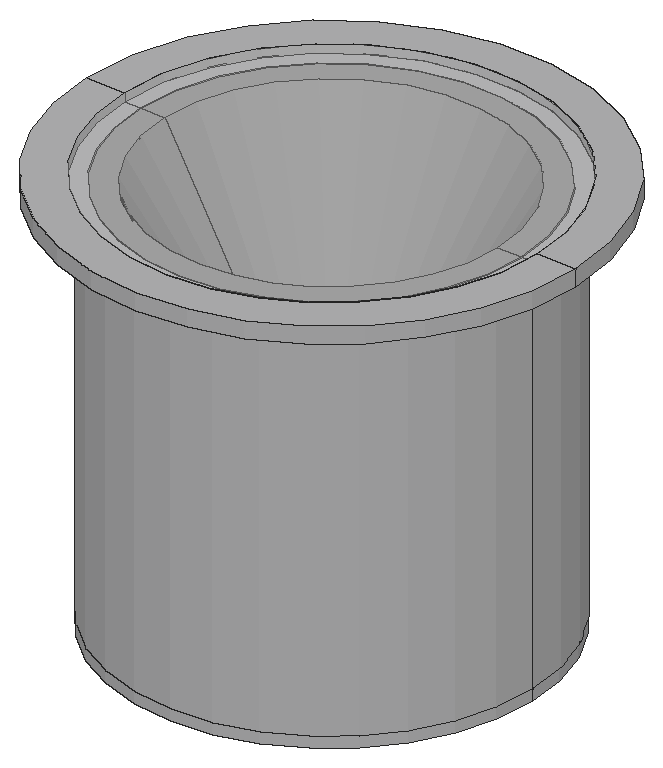
Revit family "2049513 Lighting Fixture_Sylvania_Myriad V LED_Ceiling Recessed", category Lighting Fixtures, host Face, Revit 2015
Parameters (values of type "MYRIAD SS HOUS 3000K DIMM")
  Weight = 0.37 kg  # constant formula
  Wattage = 18.932 W
  built-in parameter 1150110 = 1 (stored number, unit not read)
  Voltage Comments = "UNV (Universal Voltage; 220-240 Volt)"  # constant formula
  Voltage = 240 V  # constant formula
  URL = ""
  built-in parameter 1114217 = 1 (stored number, unit not read)
  Tilt Angle = -90.00°  # constant formula
  built-in parameter 1150109 = 1 (stored number, unit not read)
  built-in parameter 1150134 = (empty or 0)
  built-in parameter 1150113 = 1 (stored number, unit not read)
  Reflector Material = Steel_Sylvania_Myrad V LED_Chrome
  Recessed Depth = Height  # 72.0 mm
  Photometric Web File = "2049513_MYRIADVLED16W3K+Dimmable-89304.ies"
  Product Page URL = ""
  Product Family = "MYRIAD V LED - HOUSING ONLY"  # constant formula
  Photometry Comments = ""
  built-in parameter 1150105 = 77.588 (stored number, unit not read)
  Lumens = 975 lm
  built-in parameter 1150115 = 1 (stored number, unit not read)
  built-in parameter 1150137 = (empty or 0)
  built-in parameter 1150139 = (empty or 0)
  Life = "50 000"  # constant formula
  built-in parameter 1150112 = 1 (stored number, unit not read)
  built-in parameter 1150114 = 1 (stored number, unit not read)
  Lamp Comments = "15W Citizen Citiled neutral 4000K"
  LOR = "100%"  # constant formula
  Inner Radius = Cutout Radius - 2.0 mm  # 35.5 mm
  built-in parameter 1150132 = 2
  built-in parameter 1150102 = (empty or 0)
  built-in parameter 1150107 = 3000 (stored number, unit not read)
  built-in parameter 1150138 = (empty or 0)
  built-in parameter 1150106 = 0.77588 (stored number, unit not read)
  Emit from Circle Diameter = Diffuser Diameter  # 77.0 mm
  Emit Shape Visible in Rendering = no
  built-in parameter 1150104 = 4.7845 (stored number, unit not read)
  Dimming Lamp Color Temperature Shift = <None>
  Diffuser Diameter = Cutout Diameter + 2.0 mm  # 77.0 mm
  Cutout Radius = Cutout Diameter / 2  # 37.5 mm
  Cutout Diameter = 75.0 mm
  Color Filter = 16777215
  Body Material = Aluminum_Sylvania_Myrad V LED_Silver
  Beam Angle = 30.00°  # constant formula
  built-in parameter 1114218 = 1 (stored number, unit not read)
  built-in parameter 1150133 = 10 (stored number, unit not read)
  IP Rating = "IP20/44(with accessories)"  # constant formula
  Height = 72.0 mm
  Electrical Protection = "CLASS II"  # constant formula
  built-in parameter 1114216 [instance] = 1 (stored number, unit not read)
  Model = "2049513 MYRIAD SS HOUS 3000K DIMM"
  Manufacturer = "Feilo-Sylvania Group"
  Lamp = "Integrated LED"
  Diffuser Material = Polycarbonate_Sylvania_Myrad V LED_Clear
  Description = "New high output high efficiency LED downlight modules. IR/UV free light source without heat radiation. Energy efficient light source with far superior luminous flux per watt than existing Low Voltage Halogen. Long life up to 50K hours, fit and forget maintenance free lighting solution. Dimmable options including DALI as standard. IP44 & IP65 versions as standard options. New range of Architectural accessories each providing a different lit dimension. Choice of colour temperatures warm 3000K and neutral 4000K. Luminaires supplied complete with LED drivers. Emergency versions passes through cut out. New completely flush plaster up accessory ring for clean ceiling lines and smooth finish. Total circuit power I5W"  # constant formula
  Default Elevation = 0.0 mm
  built-in parameter 1140040 [instance] = 1
  Assembly Code = "D5020200"
  Apparent Load Comments = ""
  Apparent Load = 15 VA
Reference planes
  plane 1 "Center (Front/Back)": y = 0
  plane 2: z = 0
  plane 3 "Center (Left/Right)": x = 0
  plane 4 "Fixture Bottom": z = 3
  plane 5 "Diffuser": z = 1.454
  plane 6 "Fixture Top": z = -72
  plane 7 "Housing Thickness": z = -70
  plane 8 "Reflector Top": z = -33.546
Forms (mm)
  Extrusion 1, void
    sketch origin (0, 0, 58) x (-1, 0, 0) y (0, -1, 0)
      loop
        circle (0, 0) r 37.5
    from -130 to -55
  Revolve 2, solid, material "Aluminum_Sylvania_Myrad V LED_Silver" <- "Body Material", detail levels fine
    sketch origin (0, 0, 0) x (1, 0, 0) y (0, 0, 1)
      loop
        line (-45.521, 3) -> (-45.521, 0) -> (-37.5, 0) -> (-37.5, -70) -> (-35.537, -70) -> (-35.537, 1.454) -> (-38.5, 1.454) -> (-38.5, 3) -> (-45.521, 3)
      axis (0, 3) -> (0, -70)
    angle from 0 to 360
  Extrusion 3, solid, material "Aluminum_Sylvania_Myrad V LED_Silver" <- "Body Material", detail levels fine
    sketch origin (0, 0, 58) x (-1, 0, 0) y (0, -1, 0)
      loop
        circle (0, 0) r 37.5
    from -130 to -128
  Revolve 4, solid, material "Steel_Sylvania_Myrad V LED_Chrome" <- "Reflector Material", detail levels fine
    sketch origin (0, 0, 0) x (1, 0, 0) y (0, 0, 1)
      loop
        line (-35.5, -33.546) -> (0, -33.546) -> (0, -31.083) -> (-12.169, -31.083) -> (-31, 1.454) -> (-35.5, 1.454) -> (-35.5, -33.546)
      axis (0, 1.454) -> (0, -33.546)
    angle from 0 to 360
  Extrusion 5, solid, material "Polycarbonate_Sylvania_Myrad V LED_Clear" <- "Diffuser Material", detail levels fine
    sketch origin (0, 0, 58) x (-1, 0, 0) y (0, -1, 0)
      loop
        circle (0, 0) r 38.5
    from -56.546 to -55
  Revolve 6, solid, material "Aluminum_Sylvania_Myrad V LED_Silver" <- "Body Material", detail levels coarse+medium
    sketch origin (0, 0, 0) x (1, 0, 0) y (0, 0, 1)
      loop
        line (-45.521, 3) -> (-45.521, 0) -> (-37.5, 0) -> (-37.5, -72) -> (0, -72) -> (0, 3) -> (-45.521, 3)
      axis (0, 3) -> (0, -72)
    angle from 0 to 360
Cuts and joins
  joined: Revolve 2, Extrusion 3
Dimensions and locks
  locked: plane 4 "Fixture Bottom" to plane 2 at 3
  locked: plane 5 "Diffuser" to plane 2 at 1.454
  "Height": plane 2 to plane 6 "Fixture Top"
  plane 7 "Housing Thickness" to plane 6 "Fixture Top" = 2.0 mm
  "Cutout Radius": plane 3 "Center (Left/Right)" to Revolve 2 sketch curve
  locked: Revolve 2 sketch curve to Revolve 2 sketch curve at 1.963
  locked: Revolve 2 sketch curve to Revolve 2 sketch curve at 8.021
  locked: Revolve 4 sketch curve to Revolve 4 sketch curve at 2.463
  locked: Revolve 2 sketch curve to Revolve 2 sketch curve at 1
  "Inner Radius": plane 3 "Center (Left/Right)" to Revolve 4 sketch curve
  locked: Revolve 4 sketch curve to Revolve 4 sketch curve at 4.5
  locked: Revolve 4 sketch curve to Revolve 4 sketch curve at 23.331
  locked: plane 5 "Diffuser" to plane 8 "Reflector Top" at 35
  locked: Revolve 6 sketch curve to Revolve 6 sketch curve at 8.021
  "Cutout Radius": Revolve 6 sketch curve to imposter light
  "Cutout Diameter": diameter of Extrusion 1 sketch curve
  "Cutout Diameter": diameter of Extrusion 3 sketch curve
  "Diffuser Diameter": diameter of Extrusion 5 sketch curve
  aligned and locked: host face to plane 2
  aligned and locked: level to host face
  aligned and locked: Revolve 2 sketch curve to plane 4 "Fixture Bottom"
  aligned and locked: Revolve 2 sketch curve to plane 5 "Diffuser"
  aligned and locked: Revolve 2 sketch curve to plane 2
  aligned and locked: Revolve 2 sketch curve to plane 3 "Center (Left/Right)"
  aligned and locked: plane 7 "Housing Thickness" to Extrusion 3
  aligned and locked: Extrusion 3 to plane 6 "Fixture Top"
  aligned and locked: Revolve 2 sketch curve to plane 7 "Housing Thickness"
  aligned and locked: Revolve 4 sketch curve to plane 5 "Diffuser"
  aligned and locked: Revolve 4 sketch curve to plane 3 "Center (Left/Right)"  (x2)
  aligned and locked: Extrusion 5 to plane 5 "Diffuser"
  aligned and locked: plane 4 "Fixture Bottom" to Extrusion 5
  aligned and locked: Revolve 4 sketch curve to plane 8 "Reflector Top"
  aligned and locked: imposter light to plane 3 "Center (Left/Right)"
  aligned and locked: imposter light to plane 4 "Fixture Bottom"
  aligned and locked: imposter light to plane 1 "Center (Front/Back)"
  aligned and locked: Revolve 6 sketch curve to plane 6 "Fixture Top"
  aligned and locked: Revolve 6 sketch curve to imposter light  (x2)
  aligned and locked: Revolve 6 sketch curve to plane 2
  aligned and locked: imposter light to Extrusion 1
  aligned and locked: Extrusion 1 to plane 6 "Fixture Top"
Automatic sketch dimensions
  host sketch curve to host sketch curve = 345.0 mm
  host sketch curve to host sketch curve = 280.0 mm
  plane 1 "Center (Front/Back)" to Extrusion 1 sketch curve = 0.0 mm
  Extrusion 1 sketch curve to plane 3 "Center (Left/Right)" = 0.0 mm
  plane 8 "Reflector Top" to Revolve 2 sketch curve = 16.453 mm
  plane 4 "Fixture Bottom" to Revolve 2 sketch curve = 14.907 mm
  plane 1 "Center (Front/Back)" to Extrusion 3 sketch curve = 0.0 mm
  Extrusion 3 sketch curve to plane 3 "Center (Left/Right)" = 0.0 mm
  plane 4 "Fixture Bottom" to Revolve 4 sketch curve = 9.307 mm
  Revolve 4 sketch curve to Revolve 4 sketch curve = 25.0 mm
  plane 1 "Center (Front/Back)" to Extrusion 5 sketch curve = 0.0 mm
  Extrusion 5 sketch curve to plane 3 "Center (Left/Right)" = 0.0 mm
  Revolve 6 sketch curve to plane 3 "Center (Left/Right)" = 0.0 mm
  plane 8 "Reflector Top" to Revolve 6 sketch curve = 16.453 mm
  Revolve 6 sketch curve to Revolve 6 sketch curve = 14.907 mm
Connectors
  electrical at (0, 0, -72), driven by "Voltage", driven by "Apparent Load"
    settings: on cut or joined group of Revolve 2, Extrusion 3, index 1, voltage 240 V, apparent load 0 VA, apparent load phase1 15 VA, apparent load phase2 0 VA, apparent load phase3 0 VA, power factor 1, load classification "Lighting", number of poles 1, system type 31, power factor state 1, is connector primary yes, connector utility no, sub classification motor no, connector description ""
